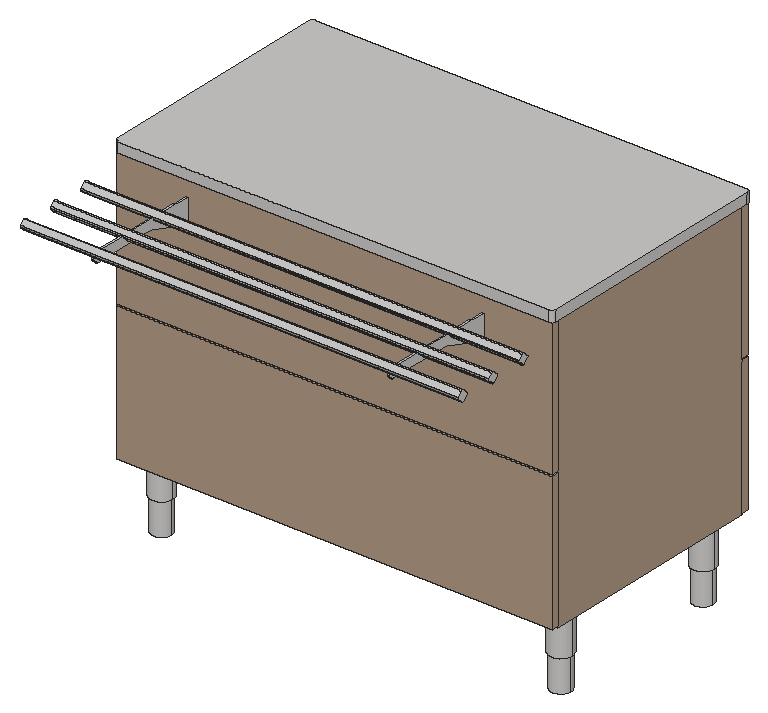
Revit family "QF_ELECTROLUXPROFESSIONAL_322109_F00N3AF00W", category Specialty Equipment, Revit 2018
Family settings
  Round Connector Dimension = Use Diameter
  Part Type = Normal
  Work Plane-Based = No
  Always vertical = Yes
  Cut with Voids When Loaded = No
  Shared = No
  Room Calculation Point = No
Parameters (values of type "Standard")
  Weight = 74.00 kg
  Watts = 0 W
  Volts = 0 V
  URL Manufacturer = "http://professional.electrolux.com"
  URL = "http://professional.electrolux.com"
  Steam Supply Size = 0 mm
  Steam Supply Minimum Pressure = 0.0 Pa
  Steam Supply Maximum Pressure = 0.0 Pa
  Steam Pounds per Hour = 0
  Show Clearance [instance] = yes
  Refrigeration Suction Line Size = 0 mm
  Refrigeration Liquid Line Size = 0 mm
  Refrigerant Compressor Remote = yes
  Manufacturer = "Electrolux Professional"
  Phase = 0
  Model = "F00N3AF00W"
  Length Actual = 1100 mm  # constant formula
  Item Number = "322109"
  Hot Water Size = 0 mm
  Height Actual = 900 mm  # constant formula
  HP = "0 HP"
  Gas Size = 0 mm
  Gas KW = 0
  Gas Input Pressure = 0 W
  Direct Waste Size = 0 mm
  Description = "AMBIENT UNIT, 3GN H=900MM"
  Depth Actual = 915 mm  # constant formula
  Cycle = 0 Hz
  Condensate Return Size = 0 mm
  Compressed Air Volume = 0.0 L/s
  Compressed Air Size = 0 mm
  Compressed Air Pressure = 0.0 Pa
  Cold Water Size = 0 mm
  Accessory = yes
Types (2, lengths in mm): name | URL | Manufacturer | Model | Description
  (no name) | 0 | 0 | 0 | 0
  Standard | "http://professional.electrolux.com" | "Electrolux Professional" | "F00N3AF00W" | "AMBIENT UNIT, 3GN H=900MM"
Values of the unnamed type that differ from the named types
  URL Manufacturer = ""
  Item Number = ""
  HP = ""
Reference planes
  plane 1 "Centro (Fronte/Retro)": y = 74.737
  plane 2: z = 0
  plane 3 "BACK": y = 384.737
  plane 4 "FRONT": y = -235.263
  plane 5: z = 900
  plane 6 "RIGHT": x = 35.731
  plane 7 "LEFT": x = -1064.269
  plane 8: x = -514.269
  plane 9: y = 664.737
  plane 10: y = -515.263
  plane 11: z = 179
  plane 12: z = 1304
  plane 13: z = 1222
  plane 14: y = 316.737
  plane 15: x = -986.269
  plane 16: x = -42.269
  plane 17: x = -1060.269
  plane 18: y = -231.263
  plane 19: x = 31.731
  plane 20: y = 380.737
  plane 21: z = 874
  plane 22: y = 362.737
  plane 23: y = -213.263
  plane 24: z = 182
  plane 25: z = 527
  plane 26: z = 531
  plane 27: x = -143.269
  plane 28: x = -885.269
Forms (mm)
  Extrusion 1, solid, material "QF_Finishes_Wood"
    sketch origin (0, 0, 0) x (1, 0, 0) y (0, 1, 0)
      loop
        line (-1060.269, 362.737) -> (-1060.269, -213.263) -> (31.731, -213.263) -> (31.731, 362.737) -> (-1060.269, 362.737)
    from 179 to 874
  Extrusion 2, solid, material "QF_Finishes_Wood"
    sketch origin (31.731, 362.737, 0) x (0, -1, 0) y (0, 0, -1)
      loop
        line (576, -182) -> (576, -527) -> (594, -527) -> (594, -182) -> (576, -182)
      loop
        line (576, -531) -> (576, -874) -> (594, -874) -> (594, -531) -> (576, -531)
    from 0 to -1092
  Extrusion 3, solid, material "QF_Finishes_Wood"
    sketch origin (31.731, -213.263, 0) x (0, 1, 0) y (0, 0, 1)
      loop
        line (576, 531) -> (594, 531) -> (594, 874) -> (576, 874) -> (576, 531)
    from 0 to -1092
  Extrusion 4, solid, material "QF_Finishes_Stainless Steel"
    sketch origin (0, 0, 0) x (1, 0, 0) y (0, 1, 0)
      loop
        arc (-1054.269, 384.737) -> (-1061.34, 381.808) -> (-1064.269, 374.737) r 10
        line (-1064.269, 374.737) -> (-1064.269, -225.263)
        arc (-1064.269, -225.263) -> (-1061.34, -232.334) -> (-1054.269, -235.263) r 10
        line (-1054.269, -235.263) -> (25.731, -235.263)
        arc (25.731, -235.263) -> (32.802, -232.334) -> (35.731, -225.263) r 10
        line (35.731, -225.263) -> (35.731, 374.737)
        arc (35.731, 374.737) -> (32.802, 381.808) -> (25.731, 384.737) r 10
        line (25.731, 384.737) -> (-1054.269, 384.737)
    from 874 to 900
  Extrusion 5, solid, material "QF_Finishes_Wood"
    sketch origin (31.731, -213.263, -348) x (0, 1, 0) y (0, 0, 1)
      loop
        line (576, 530) -> (594, 530) -> (594, 875) -> (576, 875) -> (576, 530)
    from 0 to -1092
  Extrusion 6, solid, material "QF_Finishes_Stainless Steel"
    sketch origin (-145.769, 362.737, 0) x (0, -1, 0) y (0, 0, -1)
      loop
        arc (628.84, -832.7) -> (632.082, -833.911) -> (635.519, -834.32) r 14.5
        line (635.519, -834.32) -> (675.715, -834.32) -> (689.858, -820.177) -> (704, -834.32) -> (770.715, -834.32) -> (784.858, -820.177) -> (799, -834.32) -> (865.716, -834.32) -> (879.858, -820.177) -> (887.686, -828.005) -> (887.686, -821.352)
        arc (887.686, -821.352) -> (887.303, -819.435) -> (886.214, -817.81) r 4.999
        line (886.214, -817.81) -> (881.179, -812.776)
        arc (881.179, -812.776) -> (879.559, -811.698) -> (877.651, -811.32) r 5
        line (877.651, -811.32) -> (732.206, -811.32)
        arc (732.206, -811.32) -> (708.662, -809.221) -> (685.86, -802.991) r 133.106
        line (685.86, -802.991) -> (638.285, -785.32) -> (597.679, -770.12) -> (594, -770.12) -> (594, -832.7) -> (628.84, -832.7)
    from 0 to 5
  Extrusion 7, solid, material "QF_Finishes_Stainless Steel"
    sketch origin (-887.769, 362.737, 0) x (0, -1, 0) y (0, 0, -1)
      loop
        arc (628.84, -832.7) -> (632.082, -833.911) -> (635.519, -834.32) r 14.5
        line (635.519, -834.32) -> (675.715, -834.32) -> (689.858, -820.177) -> (704, -834.32) -> (770.715, -834.32) -> (784.858, -820.177) -> (799, -834.32) -> (865.716, -834.32) -> (879.858, -820.177) -> (887.686, -828.005) -> (887.686, -821.352)
        arc (887.686, -821.352) -> (887.303, -819.435) -> (886.214, -817.81) r 4.999
        line (886.214, -817.81) -> (881.179, -812.776)
        arc (881.179, -812.776) -> (879.559, -811.698) -> (877.651, -811.32) r 5
        line (877.651, -811.32) -> (732.206, -811.32)
        arc (732.206, -811.32) -> (708.662, -809.221) -> (685.86, -802.991) r 133.106
        line (685.86, -802.991) -> (638.285, -785.32) -> (597.679, -770.12) -> (594, -770.12) -> (594, -832.7) -> (628.84, -832.7)
    from 0 to 5
  Extrusion 8, solid, material "QF_Finishes_Stainless Steel"
    sketch origin (-133.269, 362.737, 0) x (0, -1, 0) y (0, 0, -1)
      loop
        line (881.983, -846.337) -> (891.875, -836.445)
        arc (891.875, -836.445) -> (892.757, -834.322) -> (891.879, -832.198) r 3
        line (891.879, -832.198) -> (881.979, -822.299)
        arc (881.979, -822.299) -> (879.858, -821.42) -> (877.737, -822.299) r 3
        line (877.737, -822.299) -> (867.837, -832.198)
        arc (867.837, -832.198) -> (866.958, -834.32) -> (867.837, -836.441) r 3
        line (867.837, -836.441) -> (877.737, -846.34)
        arc (877.737, -846.34) -> (879.86, -847.219) -> (881.983, -846.337) r 3
      loop
        line (786.979, -846.34) -> (796.879, -836.441)
        arc (796.879, -836.441) -> (797.757, -834.32) -> (796.879, -832.198) r 3
        line (796.879, -832.198) -> (786.979, -822.299)
        arc (786.979, -822.299) -> (784.858, -821.42) -> (782.737, -822.299) r 3
        line (782.737, -822.299) -> (772.837, -832.198)
        arc (772.837, -832.198) -> (771.958, -834.317) -> (772.833, -836.437) r 3
        line (772.833, -836.437) -> (782.741, -846.345)
        arc (782.741, -846.345) -> (784.861, -847.219) -> (786.979, -846.34) r 3
      loop
        line (691.976, -846.343) -> (701.882, -836.438)
        arc (701.882, -836.438) -> (702.757, -834.318) -> (701.879, -832.198) r 3
        line (701.879, -832.198) -> (691.979, -822.299)
        arc (691.979, -822.299) -> (689.858, -821.42) -> (687.737, -822.299) r 3
        line (687.737, -822.299) -> (677.837, -832.198)
        arc (677.837, -832.198) -> (676.958, -834.32) -> (677.837, -836.441) r 3
        line (677.837, -836.441) -> (687.737, -846.34)
        arc (687.737, -846.34) -> (689.856, -847.219) -> (691.976, -846.343) r 3
    from 169 to -931
Lines and regions (mm)
  symbolic lines
    curve 1: line (35.731, -530.263, 0) -> (-1064.269, -530.263, 0)
    curve 2: line (-1064.269, -530.263, 0) -> (-1064.269, -235.263, 0)
    curve 3: line (-1054.269, 384.737, 0) -> (25.731, 384.737, 0)
    curve 4: line (-1064.269, -235.263, 0) -> (35.731, -235.263, 0)
    curve 5: line (35.731, 374.737, 0) -> (35.731, -225.263, 0)
    curve 6: line (35.731, -235.263, 0) -> (35.731, -530.263, 0)
    curve 7: line (-1064.269, -225.263, 0) -> (-1064.269, 374.737, 0)
    curve 8: arc (-1064.269, -225.263, 0) -> (-1061.34, -232.334, 0) -> (-1054.269, -235.263, 0) r 10
    curve 9: arc (-1064.269, 374.737, 0) -> (-1061.34, 381.808, 0) -> (-1054.269, 384.737, 0) r 10
    curve 10: arc (25.731, 384.737, 0) -> (32.802, 381.808, 0) -> (35.731, 374.737, 0) r 10
    curve 11: arc (25.731, -235.263, 0) -> (32.802, -232.334, 0) -> (35.731, -225.263, 0) r 10
Dimensions and locks
  plane 7 "LEFT" to plane 6 "RIGHT" = 1100 mm
  equal spacing: plane 3 "BACK", plane 1 "Centro (Fronte/Retro)", plane 4 "FRONT"
  plane 3 "BACK" to plane 4 "FRONT" = 620 mm
  equal spacing: plane 7 "LEFT", plane 8, plane 6 "RIGHT"
  locked: plane 9 to plane 3 "BACK" at 280
  locked: plane 4 "FRONT" to plane 10 at 280
  plane 11 to plane 2 = 179 mm
  locked: plane 5 to plane 2 at 900
  locked: plane 12 to plane 2 at 1304
  locked: plane 13 to plane 2 at 1222
  locked: plane 3 "BACK" to plane 14 at 68
  locked: plane 7 "LEFT" to plane 15 at 78
  locked: plane 16 to plane 6 "RIGHT" at 78
  locked: plane 3 "BACK" to plane 20 at 4
  locked: plane 7 "LEFT" to plane 17 at 4
  locked: plane 19 to plane 6 "RIGHT" at 4
  locked: plane 18 to plane 4 "FRONT" at 4
  locked: plane 5 to plane 21 at 26
  locked: plane 23 to plane 18 at 18
  locked: plane 20 to plane 22 at 18
  locked: plane 19 to plane 27 at 175
  locked: plane 28 to plane 17 at 175
  plane 9 to plane 10 = 1180 mm
  plane 6 "RIGHT" to plane 16 = 78 mm
  plane 15 to plane 7 "LEFT" = 78 mm
  aligned and locked: level to plane 2
  aligned and locked: Extrusion 1 sketch curve to plane 22
  aligned and locked: plane 17 to Extrusion 1 sketch curve
  aligned and locked: plane 23 to Extrusion 1 sketch curve
  aligned and locked: Extrusion 1 sketch curve to plane 19
  aligned and locked: plane 21 to Extrusion 1
  aligned and locked: Extrusion 1 to plane 11
  aligned and locked: plane 24 to Extrusion 2 sketch curve
  aligned and locked: Extrusion 2 sketch curve to plane 23  (x2)
  aligned and locked: Extrusion 2 sketch curve to plane 25
  aligned and locked: plane 18 to Extrusion 2 sketch curve  (x2)
  aligned and locked: plane 26 to Extrusion 2 sketch curve
  aligned and locked: Extrusion 2 sketch curve to plane 21
  aligned and locked: Extrusion 2 to plane 17
  aligned and locked: Extrusion 3 to plane 17
  aligned and locked: Extrusion 4 sketch curve to plane 3 "BACK"
  aligned and locked: plane 7 "LEFT" to Extrusion 4 sketch curve
  aligned and locked: plane 4 "FRONT" to Extrusion 4 sketch curve
  aligned and locked: Extrusion 4 sketch curve to plane 6 "RIGHT"
  aligned and locked: Extrusion 4 to plane 21
  aligned and locked: Extrusion 5 to plane 24
  aligned and locked: plane 25 to Extrusion 5
  aligned and locked: Extrusion 5 to plane 17
  aligned and locked: plane 19 to Extrusion 5
  aligned and locked: plane 6 "RIGHT" to Extrusion 8
  aligned and locked: Extrusion 8 to plane 7 "LEFT"
Automatic sketch dimensions
  Extrusion 1 to Extrusion 3 sketch curve = 0 mm
  Extrusion 3 sketch curve to Extrusion 1 = 0 mm
  Extrusion 3 sketch curve to Extrusion 3 sketch curve = 18 mm
  Extrusion 3 sketch curve to Extrusion 3 sketch curve = 343 mm
  Extrusion 5 sketch curve to Extrusion 1 = 0 mm
  Extrusion 5 sketch curve to Extrusion 5 sketch curve = 18 mm
  Extrusion 1 to Extrusion 5 sketch curve = 3 mm
  Extrusion 5 sketch curve to Extrusion 5 sketch curve = 345 mm
  plane 17 to Extrusion 4 sketch curve = 6 mm  (x2)
  Extrusion 4 sketch curve to plane 19 = 6 mm  (x2)
  Extrusion 6 sketch curve to plane 18 = 0 mm
  plane 4 "FRONT" to Extrusion 6 sketch curve = 0.321 mm
  Extrusion 6 sketch curve to plane 4 "FRONT" = 30.84 mm
  Extrusion 6 sketch curve to Extrusion 6 sketch curve = 6.66 mm
  Extrusion 6 sketch curve to Extrusion 6 sketch curve = 6.678 mm
  Extrusion 6 sketch curve to Extrusion 6 sketch curve = 2.785 mm
  Extrusion 6 sketch curve to Extrusion 6 sketch curve = 40.197 mm
  Extrusion 6 sketch curve to Extrusion 6 sketch curve = 10.145 mm
  Extrusion 6 sketch curve to Extrusion 6 sketch curve = 3.998 mm
  Extrusion 6 sketch curve to plane 21 = 39.68 mm  (x2)
  Extrusion 6 sketch curve to Extrusion 6 sketch curve = 14.142 mm  (x3)
  Extrusion 6 sketch curve to Extrusion 6 sketch curve = 28.206 mm
  Extrusion 6 sketch curve to Extrusion 6 sketch curve = 38.51 mm
  Extrusion 6 sketch curve to Extrusion 6 sketch curve = 14.143 mm
  plane 10 to Extrusion 6 sketch curve = 12.284 mm
  plane 10 to Extrusion 6 sketch curve = 0.349 mm
  Extrusion 6 sketch curve to plane 10 = 1.858 mm
  Extrusion 6 sketch curve to plane 10 = 3.179 mm
  Extrusion 6 sketch curve to Extrusion 6 sketch curve = 2.829 mm
  Extrusion 6 sketch curve to Extrusion 6 sketch curve = 3.528 mm
  Extrusion 6 sketch curve to Extrusion 6 sketch curve = 4.999 mm
  Extrusion 6 sketch curve to Extrusion 6 sketch curve = 0 mm  (x2)
  Extrusion 6 sketch curve to Extrusion 6 sketch curve = 1.62 mm
  Extrusion 6 sketch curve to Extrusion 6 sketch curve = 6.314 mm
  Extrusion 6 sketch curve to Extrusion 6 sketch curve = 6.653 mm
  Extrusion 6 sketch curve to Extrusion 6 sketch curve = 1.175 mm
  Extrusion 6 sketch curve to Extrusion 6 sketch curve = 3.858 mm
  Extrusion 6 sketch curve to Extrusion 6 sketch curve = 3.543 mm
  Extrusion 6 sketch curve to Extrusion 6 sketch curve = 23 mm
  Extrusion 6 sketch curve to Extrusion 6 sketch curve = 17.187 mm
  Extrusion 6 sketch curve to Extrusion 6 sketch curve = 34.499 mm
  Extrusion 6 sketch curve to Extrusion 6 sketch curve = 15.2 mm
  Extrusion 7 sketch curve to plane 18 = 0 mm
  plane 4 "FRONT" to Extrusion 7 sketch curve = 0.321 mm
  Extrusion 7 sketch curve to plane 4 "FRONT" = 30.84 mm
  Extrusion 7 sketch curve to Extrusion 7 sketch curve = 6.66 mm
  Extrusion 7 sketch curve to Extrusion 7 sketch curve = 6.678 mm
  Extrusion 7 sketch curve to Extrusion 7 sketch curve = 2.785 mm
  Extrusion 7 sketch curve to Extrusion 7 sketch curve = 40.197 mm
  Extrusion 7 sketch curve to Extrusion 7 sketch curve = 10.145 mm
  Extrusion 7 sketch curve to Extrusion 7 sketch curve = 3.998 mm
  Extrusion 7 sketch curve to plane 21 = 39.68 mm  (x2)
  Extrusion 7 sketch curve to Extrusion 7 sketch curve = 14.142 mm  (x3)
  Extrusion 7 sketch curve to Extrusion 7 sketch curve = 28.206 mm
  Extrusion 7 sketch curve to Extrusion 7 sketch curve = 38.51 mm
  Extrusion 7 sketch curve to Extrusion 7 sketch curve = 14.143 mm
  plane 10 to Extrusion 7 sketch curve = 12.284 mm
  plane 10 to Extrusion 7 sketch curve = 0.349 mm
  Extrusion 7 sketch curve to plane 10 = 1.858 mm
  Extrusion 7 sketch curve to plane 10 = 3.179 mm
  Extrusion 7 sketch curve to Extrusion 7 sketch curve = 2.829 mm
  Extrusion 7 sketch curve to Extrusion 7 sketch curve = 3.528 mm
  Extrusion 7 sketch curve to Extrusion 7 sketch curve = 4.999 mm
  Extrusion 7 sketch curve to Extrusion 7 sketch curve = 0 mm  (x2)
  Extrusion 7 sketch curve to Extrusion 7 sketch curve = 1.62 mm
  Extrusion 7 sketch curve to Extrusion 7 sketch curve = 6.314 mm
  Extrusion 7 sketch curve to Extrusion 7 sketch curve = 6.653 mm
  Extrusion 7 sketch curve to Extrusion 7 sketch curve = 1.175 mm
  Extrusion 7 sketch curve to Extrusion 7 sketch curve = 3.858 mm
  Extrusion 7 sketch curve to Extrusion 7 sketch curve = 3.543 mm
  Extrusion 7 sketch curve to Extrusion 7 sketch curve = 23 mm
  Extrusion 7 sketch curve to Extrusion 7 sketch curve = 17.187 mm
  Extrusion 7 sketch curve to Extrusion 7 sketch curve = 34.499 mm
  Extrusion 7 sketch curve to Extrusion 7 sketch curve = 15.2 mm
  Extrusion 8 sketch curve to plane 21 = 39.68 mm
  Extrusion 8 sketch curve to plane 4 "FRONT" = 81.958 mm
  Extrusion 8 sketch curve to Extrusion 8 sketch curve = 9.899 mm  (x7)
  Extrusion 8 sketch curve to plane 21 = 27.657 mm
  Extrusion 8 sketch curve to Extrusion 8 sketch curve = 2.118 mm  (x3)
  Extrusion 8 sketch curve to plane 21 = 37.562 mm
  Extrusion 8 sketch curve to Extrusion 8 sketch curve = 2.124 mm  (x2)
  Extrusion 8 sketch curve to plane 21 = 37.563 mm
  Extrusion 8 sketch curve to Extrusion 8 sketch curve = 70.951 mm
  Extrusion 8 sketch curve to plane 21 = 41.802 mm  (x2)
  Extrusion 8 sketch curve to Extrusion 8 sketch curve = 0.004 mm  (x2)
  Extrusion 8 sketch curve to Extrusion 8 sketch curve = 2.126 mm
  Extrusion 8 sketch curve to plane 21 = 27.655 mm
  Extrusion 8 sketch curve to Extrusion 8 sketch curve = 9.908 mm
  Extrusion 8 sketch curve to Extrusion 8 sketch curve = 2.117 mm
  Extrusion 8 sketch curve to Extrusion 8 sketch curve = 9.9 mm  (x2)
  Extrusion 8 sketch curve to plane 21 = 27.66 mm  (x3)
  Extrusion 8 sketch curve to Extrusion 8 sketch curve = 2.121 mm  (x20)
  Extrusion 8 sketch curve to plane 21 = 37.559 mm  (x2)
  plane 10 to Extrusion 8 sketch curve = 10.163 mm
  Extrusion 8 sketch curve to Extrusion 8 sketch curve = 0 mm  (x14)
  plane 10 to Extrusion 8 sketch curve = 0.263 mm  (x2)
  Extrusion 8 sketch curve to plane 10 = 1.858 mm  (x2)
  Extrusion 8 sketch curve to Extrusion 8 sketch curve = 2.125 mm  (x2)
  Extrusion 8 sketch curve to plane 10 = 11.757 mm
  Extrusion 8 sketch curve to Extrusion 8 sketch curve = 9.892 mm
  curve 9 to plane 7 "LEFT" = 0 mm
  curve 1 to plane 7 "LEFT" = 0 mm
  curve 9 to plane 3 "BACK" = 0 mm
  curve 8 to plane 4 "FRONT" = 0 mm
  curve 1 to plane 6 "RIGHT" = 0 mm
  curve 5 to plane 6 "RIGHT" = 0 mm
  plane 17 to curve 8 = 6 mm
  plane 17 to curve 9 = 6 mm
  curve 10 to plane 19 = 6 mm
  plane 18 to curve 11 = 6 mm
  curve 6 to plane 10 = 15 mm
Nested families
  nested 1: "Foot_Ø50_H179" at (-1015.369, -148.263, 0), type "Foot_Ø50_H179"
  nested 2: "Foot_Ø50_H179" at (-13.169, -148.263, 0), type "Foot_Ø50_H179"
  nested 3: "Foot_Ø50_H179" at (-13.169, 297.737, 0), type "Foot_Ø50_H179"
  nested 4: "Foot_Ø50_H179" at (-1015.369, 297.737, 0), type "Foot_Ø50_H179"
Definition of nested family "Foot_Ø50_H179"
  Reference planes
    plane 1 "Centro (Fronte/Retro)": y = 0
    plane 2: z = 0
    plane 3 "Centro (Sinistra/Destra)": x = 0
    plane 4: z = 179
  Forms (mm)
    Revolve 1, solid
      sketch origin (255.05, 0, 608.09) x (0, 0, 1) y (-1, 0, 0)
        loop
          line (-608.09, 255.05) -> (-608.09, 230.05) -> (-526.09, 230.05) -> (-526.09, 226.05) -> (-429.09, 226.05) -> (-429.09, 255.05) -> (-608.09, 255.05)
        axis (-608.09, 255.05) -> (-429.09, 255.05)
      angle from 0 to 360
  Dimensions and locks
    Revolve 1 sketch curve to Revolve 1 sketch curve = 97 mm
    aligned and locked: level to plane 2
    aligned and locked: plane 4 to Revolve 1 sketch curve
    aligned and locked: Revolve 1 sketch curve to level
    aligned and locked: plane 3 "Centro (Sinistra/Destra)" to Revolve 1 sketch curve
